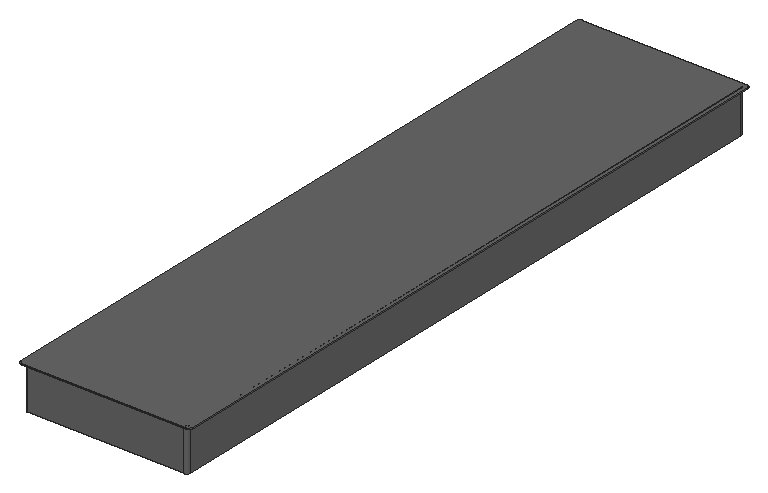
Revit family "Control_Panels-Lutron-DIN_Rail_Panel_With_Breaker", category Electrical Equipment, host Face, Revit 2017
Family settings
  Host = Face
  Panel Configuration = Two Columns, Circuits Across
  Round Connector Dimension = Use Radius
  Part Type = Panelboard
  OmniClass Number = 23.80.30.11.17
  OmniClass Title = Distribution Boards and Control Panels
  Cut with Voids When Loaded = No
  Shared = No
  Room Calculation Point = No
Parameters (values of type "PD8-65A-120L4-20")
  Wattage = ""
  Warranty URL = "http://www.lutron.com/en-US/Service-Support/Pages/Service/Warranty/Warranty.aspx"
  Voltage = "120.00 V"
  Video Link = "https://www.youtube.com/user/LutronElectronicsInc"
  Version = "2017 - v1.0a"  # constant formula
  Unit Weight = 0.00 lbf  # constant formula
  URL = "http://www.lutron.com"
  Type Comments = ""
  Surface = not(Recessed)  # no
  Support Phone = "(224) 699-9545"  # constant formula
  Support Email = "mailto: support@anguleris.com"
  built-in parameter 1140142 = (empty or 0)
  built-in parameter 1140080 [instance] = (empty or 0)
  Series = "HomeWorks QS"
  Recessed = yes
  Product Page URL = "http://www.lutron.com/en-US/Products/Pages/WholeHomeSystems/Homeworksqs/Overview.aspx"
  Product Name = "DIN Rail Panel Enclosure"
  Product Documentation Link = "http://www.lutron.com/TechnicalDocumentLibrary/3691106_ENG.pdf"
  Power Factor = 1
  Phase = 1
  Performance URL = "http://www.lutron.com/en-US/Service-Support/Pages/Technical/PerfomanceSpecs.aspx"
  Panel Name [instance] = "DIN Rail Panel"
  Overall Width = 15.125"  # constant formula
  Overall Height = 64.500"
  Overall Depth = 3.940"  # constant formula
  Offset C = if(Recessed, 0.000", 3.936")  # 0.000"
  Number of Poles = 1
  Neutral Rating = 0.00%
  built-in parameter 1140145 = 1
  built-in parameter 1140081 [instance] = "Surface"
  built-in parameter 1140084 [instance] = (empty or 0)
  Model = "PD8-65A-120L4-20"
  built-in parameter 1140079 [instance] = 20
  Material = ""
  Manufacturer Phone Number = "610-282-3800"  # constant formula
  Manufacturer Fax Number = "610-282-1243"  # constant formula
  Manufacturer Email = "mailto:support@lutron.com"
  Manufacturer Address = "7200 Suter Rd, Coopersburg, PA 18036"  # constant formula
  Manufacturer = "Lutron Electronics Co., Inc"  # constant formula
  Mains Type = ""
  built-in parameter 1140082 [instance] = 125 (stored number, unit not read)
  built-in parameter 1140140 = 125 (stored number, unit not read)
  Load Classification = Power
  Keynote = ""
  Instruction Sheet Link = "http://www.lutron.com/TechnicalDocumentLibrary/032164a.pdf"
  Ground Bus = yes
  Frequency = 60 Hz
  Finish = Steel - Lutron - Black
  Feed Through Control Circuit Voltage = 120 V
  Feed Through Control Circuit Load [instance] = 0 VA
  built-in parameter 1140138 [instance] = "120 V"
  built-in parameter 1140083 [instance] = "59 in (1500 mm) enclosure (PD8 PD9)"
  Electrical Potential = 120 V
  Electrical Connector Distance = 64.500"  # constant formula
  Description = "DIN Rail Panels"
  Default Elevation = 0.000"
  Cost Info = "mailto:custsvc@lutron.com"
  Cost = 0
  Copyright = "© 2019 Lutron Electronics Co., Inc."  # constant formula
  built-in parameter 1140086 [instance] = (empty or 0)
  built-in parameter 1140085 [instance] = (empty or 0)
  built-in parameter 1140087 [instance] = 1
  built-in parameter 1140143 = (empty or 0)
  Assembly Code = "D5020"
Types (4): name | Model | built-in parameter 1140079
  PD8-65A-120L3-20 | "PD8-65A-120L3-20" | 20
  PD8-65A-120L3-15 | "PD8-65A-120L3-15" | 15
  PD8-65A-120L4-15 | "PD8-65A-120L4-15" | 15
  PD8-65A-120L4-20 | "PD8-65A-120L4-20" | 20
Reference planes (in)
  plane 1 "Center (Front/Back)": y = 0
  plane 2: z = 0
  plane 3 "Center (Left/Right)": x = 0
  plane 4: z = 0
  plane 5: z = 0.06
  plane 6: x = 7.5625
  plane 7: x = -7.5625
  plane 8: y = -0.25
  plane 9: x = -7.9375
  plane 10: x = 7.9375
  plane 11: y = 64.5
  plane 12: y = 64.75
  plane 13: z = -3.936
  plane 14: z = -3.96725
Forms (in)
  Extrusion 1, solid, material "Steel - Lutron - Black" <- "Finish"
    sketch origin (-59.66797, -180, 12) x (-1, 0, 0) y (0, -1, 0)
      loop
        arc (-52.43838, -244.5) -> (-52.20298, -244.40249) -> (-52.10547, -244.16709) r 0.33291
        line (-52.10547, -244.16709) -> (-52.10547, -180.33203)
        arc (-52.10547, -180.33203) -> (-52.20272, -180.09725) -> (-52.4375, -180) r 0.33203
        line (-52.4375, -180) -> (-66.89844, -180)
        arc (-66.89844, -180) -> (-67.13322, -180.09725) -> (-67.23047, -180.33203) r 0.33203
        line (-67.23047, -180.33203) -> (-67.23047, -244.16797)
        arc (-67.23047, -244.16797) -> (-67.13322, -244.40275) -> (-66.89844, -244.5) r 0.33203
        line (-66.89844, -244.5) -> (-52.43838, -244.5)
    from -15.936 to -12
  Extrusion 2, solid, material "Steel - Lutron - Black" <- "Finish"
    sketch origin (-60, -180, 12) x (-1, 0, 0) y (0, -1, 0)
      loop
        arc (-52.39541, -244.75) -> (-52.16001, -244.65249) -> (-52.0625, -244.41709) r 0.33291
        line (-52.0625, -244.41709) -> (-52.0625, -180.08203)
        arc (-52.0625, -180.08203) -> (-52.15975, -179.84725) -> (-52.39453, -179.75) r 0.33203
        line (-52.39453, -179.75) -> (-67.60547, -179.75)
        arc (-67.60547, -179.75) -> (-67.84025, -179.84725) -> (-67.9375, -180.08203) r 0.33203
        line (-67.9375, -180.08203) -> (-67.9375, -244.41797)
        arc (-67.9375, -244.41797) -> (-67.84025, -244.65275) -> (-67.60547, -244.75) r 0.33203
        line (-67.60547, -244.75) -> (-52.39541, -244.75)
    from -12 to -11.94
  Extrusion 3, void
    sketch origin (-60, -180, 12) x (-1, 0, 0) y (0, -1, 0)
      loop
        line (-52.4375, -180) -> (-67.5625, -180) -> (-67.5625, -244.5) -> (-52.4375, -244.5) -> (-52.4375, -180)
    from -15.96725 to -11.94
Lines and regions (in)
  Split face 1
    outline origin (-60, -180, 0.06) x (-1, 0, 0) y (0, -1, 0)
      loop
        line (-66.08675, -229.77395) -> (-57.55883, -229.77395) -> (-57.55883, -228.77395) -> (-66.08675, -228.77395) -> (-66.08675, -229.77395)
  Split face 2
    outline origin (-60, -180, 0.06) x (-1, 0, 0) y (0, -1, 0)
      loop
        line (-66.08675, -224.07786) -> (-57.55883, -224.07786) -> (-57.55883, -223.07786) -> (-66.08675, -223.07786) -> (-66.08675, -224.07786)
  Split face 3
    outline origin (-60, -180, 0.06) x (-1, 0, 0) y (0, -1, 0)
      loop
        line (-57.55883, -218.26346) -> (-57.55883, -217.26346) -> (-66.08675, -217.26346) -> (-66.08675, -218.26346) -> (-57.55883, -218.26346)
  Split face 4
    outline origin (-60, -180, 0.06) x (-1, 0, 0) y (0, -1, 0)
      loop
        line (-57.55883, -212.62395) -> (-57.55883, -211.62395) -> (-66.08675, -211.62395) -> (-66.08675, -212.62395) -> (-57.55883, -212.62395)
  Split face 5
    outline origin (-60, -180, 0.06) x (-1, 0, 0) y (0, -1, 0)
      loop
        line (-57.55883, -206.82616) -> (-57.55883, -205.82616) -> (-66.08675, -205.82616) -> (-66.08675, -206.82616) -> (-57.55883, -206.82616)
  Split face 6
    outline origin (-60, -180, 0.06) x (-1, 0, 0) y (0, -1, 0)
      loop
        line (-57.55883, -201.14188) -> (-57.55883, -200.14188) -> (-66.08675, -200.14188) -> (-66.08675, -201.14188) -> (-57.55883, -201.14188)
  Split face 7
    outline origin (-60.66325, -180.62091, 0.06) x (-1, 0, 0) y (0, -1, 0)
      loop
        line (-58.22208, -195.95116) -> (-58.22208, -194.95116) -> (-66.75, -194.95116) -> (-66.75, -195.95116) -> (-58.22208, -195.95116)
  Split face 8
    outline origin (-60, -180, 0.06) x (-1, 0, 0) y (0, -1, 0)
      loop
        arc (-54.26483, -193.72582) -> (-54.0527, -193.63795) -> (-53.96483, -193.42582) r 0.3
        line (-53.96483, -193.42582) -> (-53.96483, -185.86146)
        arc (-53.96483, -185.86146) -> (-54.0527, -185.64933) -> (-54.26483, -185.56146) r 0.3
        line (-54.26483, -185.56146) -> (-65.78454, -185.56146)
        arc (-65.78454, -185.56146) -> (-65.99667, -185.64933) -> (-66.08454, -185.86146) r 0.3
        line (-66.08454, -185.86146) -> (-66.08454, -193.42582)
        arc (-66.08454, -193.42582) -> (-65.99667, -193.63795) -> (-65.78454, -193.72582) r 0.3
        line (-65.78454, -193.72582) -> (-54.26483, -193.72582)
  Masking region 1, detail levels coarse
    outline origin (0, 0, 0) x (1, 0, 0) y (0, 0, 1)
      loop
        line (-7.9375, 0.06) -> (-7.9375, 0) -> (7.9375, 0) -> (7.9375, 0.06) -> (-7.9375, 0.06)
  Split face 9
    outline origin (-59.66797, -180, 0) x (-1, 0, 0) y (0, -1, 0)
      loop
        line (-57.2268, -234.58645) -> (-65.75472, -234.58645) -> (-65.75472, -235.58645) -> (-57.2268, -235.58645) -> (-57.2268, -234.58645)
  Split face 10
    outline origin (-59.66797, -180, 0) x (-1, 0, 0) y (0, -1, 0)
      loop
        line (-53.52444, -244.14486) -> (-53.52444, -240.43193) -> (-65.70638, -240.43193) -> (-65.70638, -244.14486) -> (-53.52444, -244.14486)
  Split face 11
    outline origin (-60, -180, 0.06) x (-1, 0, 0) y (0, -1, 0)
      loop
        line (-57.55883, -235.58645) -> (-57.55883, -234.58645) -> (-66.08675, -234.58645) -> (-66.08675, -235.58645) -> (-57.55883, -235.58645)
  Split face 12
    outline origin (-60, -180, 0.06) x (-1, 0, 0) y (0, -1, 0)
      loop
        line (-53.85647, -244.14486) -> (-53.85647, -240.43193) -> (-66.03841, -240.43193) -> (-66.03841, -244.14486) -> (-53.85647, -244.14486)
  symbolic lines, detail levels fine
    curve 1: line (7.5625, 0, 0) -> (-7.5625, 0, 0)
  reference lines
    curve 2: line (0.00044, 64.5, 2.17) -> (33.25044, 64.5, 2.17)
Dimensions and locks (in)
  plane 4 to level = 0.000"
  locked: host sketch curve to plane 3 "Center (Left/Right)" at 48  (x12)
  host sketch curve to plane 1 "Center (Front/Back)" = 15.02892"  (x6)
  host sketch curve to plane 1 "Center (Front/Back)" = 82.57514"  (x6)
  plane 7 to plane 6 = 15.125"
  plane 9 to plane 10 = 15.875"
  "Overall Height": plane 1 "Center (Front/Back)" to plane 11
  "Electrical Connector Distance": plane 1 "Center (Front/Back)" to curve 2
  Extrusion 2 sketch curve to plane 1 "Center (Front/Back)" to Extrusion 2 sketch curve = 0.250" locked, 64.750"
  Extrusion 2 sketch curve to plane 3 "Center (Left/Right)" to Extrusion 2 sketch curve = 7.9375" locked, 7.9375" locked
  plane 1 "Center (Front/Back)" to Extrusion 1 sketch curve to Extrusion 1 sketch curve = 0.000" locked, 64.500" locked
  Extrusion 1 sketch curve to plane 3 "Center (Left/Right)" to Extrusion 1 sketch curve = 7.5625" locked, 7.5625" locked
  Extrusion 2 to Extrusion 2 to level to Extrusion 1 = 0.060", 0.000", 3.936"
  locked: plane 5 to plane 4 at 0.06
  "Offset C": plane 4 to level
  locked: plane 4 to plane 13 at 3.936
  locked: plane 13 to plane 14 at 0.03125
  locked: plane 11 to plane 12 at 0.25
  aligned and locked: plane 2 to host face
  aligned and locked: level to host face
  aligned and locked: plane 10 to Masking region 1 sketch curve
  aligned and locked: Masking region 1 sketch curve to plane 5
  aligned and locked: plane 9 to Masking region 1 sketch curve
  aligned and locked: plane 2 to Masking region 1 sketch curve
  aligned and locked: Extrusion 1 to plane 13
  aligned and locked: plane 4 to Extrusion 1
  aligned and locked: Extrusion 2 to plane 4
  aligned and locked: plane 5 to Extrusion 2
  aligned and locked: plane 1 "Center (Front/Back)" to Extrusion 3 sketch curve
  aligned and locked: Extrusion 3 sketch curve to plane 6
  aligned and locked: Extrusion 3 sketch curve to plane 7
  aligned and locked: Extrusion 3 sketch curve to plane 11
  aligned and locked: Extrusion 3 to plane 14
  aligned and locked: plane 5 to Extrusion 3
Automatic sketch dimensions
  curve 1 to plane 4 = 0.000"
  curve 1 to plane 7 = 0.000"
  plane 6 to curve 1 = 0.000"
  Extrusion 2 sketch curve to plane 6 = 0.04297"  (x2)
  Extrusion 2 sketch curve to plane 7 = 0.04209"
  Extrusion 2 sketch curve to plane 7 = 0.04297"
  Extrusion 1 sketch curve to plane 1 "Center (Front/Back)" = 0.33203"
  plane 6 to Extrusion 1 sketch curve = 0.33203"
  Extrusion 1 sketch curve to Extrusion 1 sketch curve = 0.33291"
  plane 7 to Extrusion 1 sketch curve = 0.33203"
  Split face 8 sketch curve to Extrusion 2 = 1.85296"
  Split face 8 sketch curve to Split face 8 sketch curve = 0.300"  (x3)
  Split face 8 sketch curve to Extrusion 2 = 2.20233"  (x2)
  Split face 8 sketch curve to Extrusion 2 = 13.97582"
  Split face 8 sketch curve to Extrusion 2 = 6.11146"
  Split face 7 sketch curve to Extrusion 2 = 1.85075"
  Split face 7 sketch curve to Extrusion 2 = 5.49633"
  Split face 7 sketch curve to Extrusion 2 = 15.58024"
  Split face 7 sketch curve to Split face 7 sketch curve = 1.000"
  Split face 6 sketch curve to Extrusion 2 = 1.85075"
  Split face 6 sketch curve to Extrusion 2 = 5.49633"
  Split face 6 sketch curve to Extrusion 2 = 21.39188"
  Split face 6 sketch curve to Split face 6 sketch curve = 1.000"
  Split face 5 sketch curve to Extrusion 2 = 1.85075"
  Split face 5 sketch curve to Extrusion 2 = 5.49633"
  Split face 5 sketch curve to Extrusion 2 = 27.07616"
  Split face 5 sketch curve to Split face 5 sketch curve = 1.000"
  Split face 4 sketch curve to Extrusion 2 = 1.85075"
  Split face 4 sketch curve to Extrusion 2 = 5.49633"
  Split face 4 sketch curve to Extrusion 2 = 32.12605"
  Split face 4 sketch curve to Split face 4 sketch curve = 1.000"
  Split face 3 sketch curve to Extrusion 2 = 1.85075"
  Split face 3 sketch curve to Extrusion 2 = 5.49633"
  Split face 3 sketch curve to Extrusion 2 = 26.48654"
  Split face 3 sketch curve to Split face 3 sketch curve = 1.000"
  Split face 2 sketch curve to Extrusion 2 = 1.85075"
  Split face 2 sketch curve to Extrusion 2 = 5.49633"
  Split face 2 sketch curve to Extrusion 2 = 20.67214"
  Split face 2 sketch curve to Split face 2 sketch curve = 1.000"
  Split face 1 sketch curve to Extrusion 2 = 1.85075"
  Split face 1 sketch curve to Extrusion 2 = 5.49633"
  Split face 1 sketch curve to Extrusion 2 = 14.97605"
  Split face 1 sketch curve to Split face 1 sketch curve = 1.000"
  Split face 9 sketch curve to Extrusion 1 = 1.47575"
  Split face 9 sketch curve to Extrusion 1 = 5.12133"
  Split face 9 sketch curve to Extrusion 1 = 8.91355"
  Split face 9 sketch curve to Split face 9 sketch curve = 1.000"
  Split face 10 sketch curve to Extrusion 1 = 0.35514"
  Split face 10 sketch curve to Extrusion 1 = 1.52409"
  Split face 10 sketch curve to Extrusion 1 = 1.41897"
  Split face 10 sketch curve to Split face 10 sketch curve = 3.71293"
  Split face 11 sketch curve to Extrusion 2 = 1.85075"
  Split face 11 sketch curve to Extrusion 2 = 5.49633"
  Split face 11 sketch curve to Extrusion 2 = 9.16355"
  Split face 11 sketch curve to Split face 11 sketch curve = 1.000"
  Split face 12 sketch curve to Extrusion 2 = 0.60514"
  Split face 12 sketch curve to Extrusion 2 = 1.89909"
  Split face 12 sketch curve to Extrusion 2 = 1.79397"
  Split face 12 sketch curve to Split face 12 sketch curve = 3.71293"
  curve 2 to plane 10 = 25.31294"
  plane 3 "Center (Left/Right)" to curve 2 = 0.00044"
  host sketch curve to host sketch curve = 96.000"
  host sketch curve to host sketch curve = 97.60406"
Connectors (in)
  electrical at (0.00044, 64.5, 2.17), driven by "Number of Poles", driven by "Load Classification", driven by "Electrical Potential", driven by "Feed Through Control Circuit Load", driven by "Power Factor"
    settings: on curve 2, index 4, voltage 120 V, apparent load 0 VA, apparent load phase1 0 VA, apparent load phase2 0 VA, apparent load phase3 0 VA, power factor 1, load classification "Power", number of poles 1, system type 31, power factor state 1, is connector primary yes, connector utility no, sub classification motor no, connector description "Power Connection"
